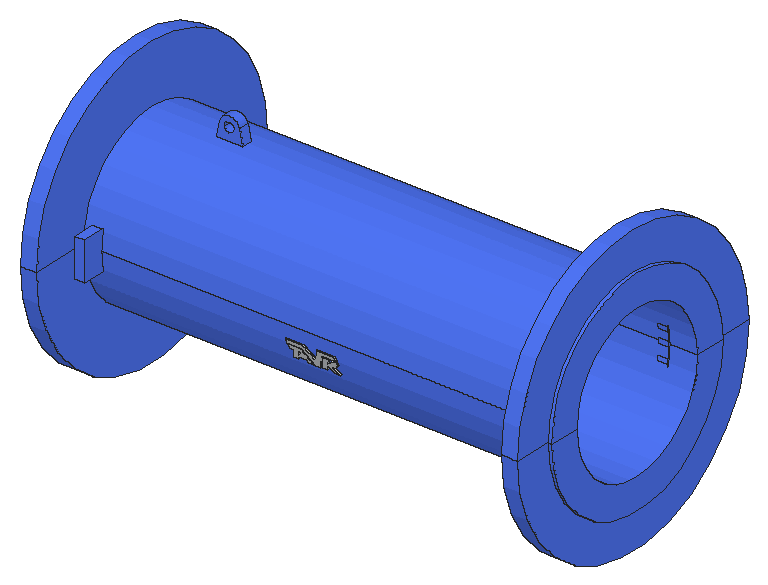
Revit family "712-4820-001-DN40-300", category Pipe Accessories, Revit 2019
Family settings
  Round Connector Dimension = Use Diameter
  Part Type = Valve - Breaks Into
  Work Plane-Based = No
  Always vertical = Yes
  Cut with Voids When Loaded = No
  Shared = No
Parameters (values of type "DN150_PN10/16")
  Search_Table = "712-4820-001-DN40-300"
  Rib = [ID(Radius)] / 2  # 37.5 mm
  Rf_Dia = size_lookup(Search_Table, "Rf_Dia", 0 mm, [Nominal Diameter (DN)]) / 2  # 105.5 mm
  RF_Thick = size_lookup(Search_Table, "Rf_Thickness", 0 mm, [Nominal Diameter (DN)])  # 4 mm
  L = 500 mm  # constant formula
  ID(Radius) = [Nominal Diameter (DN)] / 2  # 75 mm
  Flange_thickness = size_lookup(Search_Table, "Flange_thickness", 0 mm, [Nominal Diameter (DN)])  # 20 mm
  Nominal Diameter (DN) = 150 mm
  FOD = size_lookup(Search_Table, "FOD", 0 mm, [Nominal Diameter (DN)]) / 2  # 142.5 mm
  URL product pages = "https://www.avkvalves.com/P.aspx?no=712004048201"
  Description_ = "AVK FLANGED PIPE W/LOOSE FLANGES"
  DN300_PN16 = "712-0300-48-201"
  DN300_PN10 = "712-0300-48-200"
  DN250_PN16 = "712-0250-48-201"
  DN250_PN10 = "712-0250-48-200"
  DN200_PN16 = "712-0200-48-201"
  DN200_PN10 = "712-0200-48-200"
  DN150_PN10/16 = "712-0150-48-201"
  DN125_PN10/16 = "712-0125-48-201"
  DN100_PN10/16 = "712-0100-48-201"
  DN080_PN10/16 = "712-0080-48-201"
  DN065_PN10/16 = "712-0065-48-201"
  DN050_PN10/16 = "712-0050-48-201"
  DN040_PN10/16 = "712-0040-48-201"
  Body_wallthickness = 10 mm  # constant formula
Types (14, lengths in mm): name | Rib | Rf_Dia | RF_Thick | ID(Radius) | Flange_thickness | Nominal Diameter (DN) | FOD
  (no name) | 37.5 | 105.5 | 4 | 75 | 20 | 150 | 142.5
  DN080_PN10/16 | 20 | 66 | 3 | 40 | 19 | 80 | 100
  DN100_PN10/16 | 25 | 78 | 3 | 50 | 19 | 100 | 110
  DN150_PN10/16 | 37.5 | 105.5 | 4 | 75 | 20 | 150 | 142.5
  DN040_PN10/16 | 10 | 42 | 3 | 20 | 19 | 40 | 75
  DN050_PN10/16 | 12.5 | 49.5 | 3 | 25 | 19 | 50 | 82.5
  DN065_PN10/16 | 16.25 | 59 | 3 | 32.5 | 19 | 65 | 92.5
  DN200_PN10 | 50 | 133 | 4 | 100 | 20 | 200 | 170
  DN250_PN10 | 62.5 | 159.5 | 4 | 125 | 22 | 250 | 200
  DN250_PN16 | 62.5 | 159.5 | 4 | 125 | 22 | 250 | 200
  DN200_PN16 | 50 | 133 | 4 | 100 | 20 | 200 | 170
  DN300_PN10 | 75 | 185 | 4 | 150 | 24 | 300 | 227.5
  DN300_PN16 | 75 | 185 | 4 | 150 | 24 | 300 | 227.5
  DN125_PN10/16 | 31.25 | 92 | 3 | 62.5 | 19 | 125 | 125
Reference planes
  plane 1 "Center (Front/Back)": y = 0
  plane 2: z = 0
  plane 3 "Center (Left/Right)": x = 0
  plane 4: y = 75
  plane 5: x = -250
  plane 6: x = -230
  plane 7: x = 230
  plane 8: x = 250
  plane 9: y = 85
  plane 10: y = 142.5
  plane 11: y = -5
  plane 12: y = 5
Forms (mm)
  Revolve 1, solid, material "Plastic"
    sketch origin (0, 0, 0) x (1, 0, 0) y (0, 1, 0)
      loop
        line (-230, 142.5) -> (-250, 142.5) -> (-250, 75) -> (250, 75) -> (250, 142.5) -> (230, 142.5) -> (230, 85) -> (-230, 85) -> (-230, 142.5)
      axis (-250, 0) -> (250, 0)
    angle from 0 to 360
  Revolve 2, void
    sketch origin (0, 0, 0) x (1, 0, 0) y (0, 1, 0)
      loop
        line (250, 142.5) -> (246, 142.5) -> (246, 105.5) -> (250, 105.5) -> (250, 142.5)
      loop
        line (-250, 142.5) -> (-250, 105.5) -> (-246, 105.5) -> (-246, 142.5) -> (-250, 142.5)
      axis (-250, 0) -> (250, 0)
    angle from 0 to 360
  Extrusion 3, solid, material "Plastic"
    sketch origin (0, 0, 0) x (1, 0, 0) y (0, 0, 1)
      loop
        line (-222, 18.75) -> (-222, -18.75) -> (-212, -18.75) -> (-212, 18.75) -> (-222, 18.75)
      loop
        line (212, 18.75) -> (212, -18.75) -> (222, -18.75) -> (222, 18.75) -> (212, 18.75)
    from -105.5 to 105.5
  Revolve 4, void
    sketch origin (0, 0, 0) x (1, 0, 0) y (0, 0, 1)
      loop
        line (-250, 75) -> (-250, 0) -> (250, 0) -> (250, 75) -> (-250, 75)
      axis (-250, 0) -> (250, 0)
    angle from 0 to 360
Cuts and joins
  Revolve 2, Revolve 4 cuts Revolve 1
  Revolve 4 cuts Extrusion 3
Dimensions and locks
  "Flange_thickness": plane 7 to plane 8
  equal spacing: plane 5, plane 3 "Center (Left/Right)", plane 8
  "L": plane 5 to plane 8
  "ID(Radius)": plane 1 "Center (Front/Back)" to plane 4
  "Flange_thickness": plane 5 to plane 6
  "Body_wallthickness": plane 9 to plane 4
  "FOD": plane 1 "Center (Front/Back)" to plane 10
  "RF_Thick": Revolve 2 sketch curve to Revolve 2 sketch curve
  "Rf_Dia": plane 1 "Center (Front/Back)" to Revolve 2 sketch curve
  "FOD": plane 1 "Center (Front/Back)" to Revolve 2 sketch curve
  "RF_Thick": Revolve 1 to Revolve 2 sketch curve
  cut or joined group of Revolve 1, Revolve 2, Revolve 4 to cut or joined group of Revolve 1, Revolve 2, Revolve 4 = 500 mm
  equal spacing: Extrusion 3 sketch curve, level, Extrusion 3 sketch curve  (x2)
  "Rib": Extrusion 3 sketch curve to Extrusion 3 sketch curve
  "Rf_Dia": Extrusion 3 to plane 1 "Center (Front/Back)"
  "Rf_Dia": plane 1 "Center (Front/Back)" to Extrusion 3
  equal spacing: plane 12, plane 1 "Center (Front/Back)", plane 11
  locked: plane 12 to plane 11 at 10
  "ID(Radius)": nested 2 to level
  "ID(Radius)": Revolve 4 sketch curve to level
  locked: cut or joined group of Extrusion 3, Revolve 4 to cut or joined group of Extrusion 3, Revolve 4 at 10  (x2)
  locked: cut or joined group of Revolve 1, Revolve 2, Revolve 4 to cut or joined group of Extrusion 3, Revolve 4 at 8
  locked: cut or joined group of Extrusion 3, Revolve 4 to cut or joined group of Revolve 1, Revolve 2, Revolve 4 at 8
  aligned and locked: level to plane 2
  aligned and locked: plane 5 to Revolve 1 sketch curve
  aligned and locked: plane 6 to Revolve 1 sketch curve
  aligned and locked: plane 7 to Revolve 1 sketch curve
  aligned and locked: plane 8 to Revolve 1 sketch curve
  aligned and locked: plane 10 to Revolve 1 sketch curve  (x2)
  aligned and locked: Revolve 1 sketch curve to plane 10
  aligned and locked: plane 1 "Center (Front/Back)" to Revolve 1 sketch curve
  aligned and locked: Revolve 2 sketch curve to Revolve 2 sketch curve  (x2)
  aligned and locked: plane 1 "Center (Front/Back)" to Revolve 2 sketch curve
  aligned and locked: plane 3 "Center (Left/Right)" to nested 1
  aligned and locked: Extrusion 3 sketch curve to Extrusion 3 sketch curve
  aligned and locked: nested 2 to plane 12
  aligned and locked: Revolve 4 sketch curve to Revolve 4 sketch curve
Automatic sketch dimensions
  Revolve 1 sketch curve to plane 4 = 0 mm
  Revolve 1 sketch curve to plane 9 = 0 mm
  plane 6 to Revolve 1 sketch curve = 11 mm
  plane 3 "Center (Left/Right)" to Revolve 1 sketch curve = 15 mm
  Revolve 2 sketch curve to plane 3 "Center (Left/Right)" = 7 mm
  plane 3 "Center (Left/Right)" to Revolve 2 sketch curve = 18 mm
  Extrusion 3 sketch curve to Extrusion 3 sketch curve = 10 mm  (x2)
  Revolve 4 sketch curve to plane 3 "Center (Left/Right)" = 20 mm
  plane 3 "Center (Left/Right)" to Revolve 4 sketch curve = 55 mm
  Extrusion 3 sketch curve to plane 3 "Center (Left/Right)" = 212 mm
  plane 3 "Center (Left/Right)" to Extrusion 3 sketch curve = 212 mm
  Revolve 4 sketch curve to level = 0 mm
  Revolve 4 sketch curve to Revolve 4 sketch curve = 230 mm
  Revolve 4 sketch curve to Revolve 4 sketch curve = 195 mm
Nested families
  nested 1: "LOGO - Copy - Copy - Copy - Copy.0001" at (0, -75.738, -38.584) x (1, 0, 0) z (0, -0.891, -0.4539), type "LOGO - Copy - Copy - Copy - Copy.0001"
  nested 2: "Hook" at (-149, 5, 75), type "Hook"
Connectors
  piping at (-250, 0, 0), diameter 150, driven by "Nominal Diameter (DN)"
    settings: on Revolve 1, index 1, connector inside diameter 609.6 mm, connector length 0 mm, flow factor 0, pipe flow 0.0 L/s, pressure drop 0.0 Pa, fitting loss kfactor 0, connector angle 0.00°, fixture units 0, engagement length 0 mm, angle of deflection 0.00°, flow configuration 0, flow direction 0, fitting loss method 0, system type 7, joint type 0, gender type 0, connector reference index -1, connector utility 0, adjustable connector no, is connector primary yes, connector description ""
  piping at (250, 0, 0), diameter 150, driven by "Nominal Diameter (DN)"
    settings: on Revolve 1, index 2, connector inside diameter 609.6 mm, connector length 0 mm, flow factor 0, pipe flow 0.0 L/s, pressure drop 0.0 Pa, fitting loss kfactor 0, connector angle 0.00°, fixture units 0, engagement length 0 mm, angle of deflection 0.00°, flow configuration 0, flow direction 0, fitting loss method 0, system type 7, joint type 0, gender type 0, connector reference index -1, connector utility 0, adjustable connector no, is connector primary no, connector description ""
Definition of nested family "LOGO - Copy - Copy - Copy - Copy.0001"
  Parameters (values of type "LOGO - Copy - Copy - Copy - Copy.0001")
    Default Elevation = 1219.2 mm
  Reference planes
    plane 1 "Center (Front/Back)": y = 0
    plane 2: z = 0
    plane 3 "Center (Left/Right)": x = 0
  Forms (mm)
    Extrusion 1, solid
      sketch origin (0, 0, 0) x (1, 0, 0) y (0, 1, 0)
        loop
          line (-1219.2, 1219.2) -> (-1219.2, -1219.2) -> (1219.2, -1219.2) -> (1219.2, 1219.2) -> (-1219.2, 1219.2)
      from 0 to -304.8
    Extrusion 2, solid
      sketch origin (0, 0, 0) x (1, 0, 0) y (0, 1, 0)
        loop
          line (-6.514, 34.224) -> (-24, 34.224) -> (-24, 29.481) -> (-9.766, 29.481) -> (-2.391, 11.367) -> (2.391, 11.367) -> (9.766, 29.481) -> (24, 29.481) -> (24, 34.224) -> (6.514, 34.224) -> (0, 18.224) -> (-6.514, 34.224)
        loop
          line (-10.996, 27.653) -> (-24, 27.653) -> (-24, 23.081) -> (-19.503, 23.081) -> (-24, 11.367) -> (-18.92, 11.367) -> (-17.955, 13.881) -> (-10.51, 13.881) -> (-9.486, 11.367) -> (-4.365, 11.367) -> (-10.996, 27.653)
        loop
          line (-16.777, 18.224) -> (-12.278, 18.224) -> (-14.594, 23.912) -> (-16.777, 18.224)
        loop
          line (4.365, 11.367) -> (9.486, 11.367) -> (12.093, 17.77) -> (16.918, 11.367) -> (22.857, 11.367) -> (17.399, 18.61)
          arc (17.399, 18.61) -> (20.583, 20.18) -> (22.629, 23.081) r 7.2
          line (22.629, 23.081) -> (24, 23.081) -> (24, 27.653) -> (19.429, 27.653)
          arc (19.429, 27.653) -> (17.763, 23.526) -> (13.699, 21.714) r 5.943
          line (13.699, 21.714) -> (16.117, 27.653) -> (10.996, 27.653) -> (4.365, 11.367)
      from 0 to 1
  Dimensions and locks
    aligned and locked: plane 2 to Extrusion 1
    aligned and locked: level to Extrusion 1
    aligned and locked: Extrusion 2 sketch curve to import instance
Definition of nested family "Hook"
  Reference planes
    plane 1 "Center (Front/Back)": y = 0
    plane 2: z = 0
    plane 3 "Center (Left/Right)": x = 0
  Forms (mm)
    Extrusion 1, solid
      sketch origin (0, 0, 0) x (1, 0, 0) y (0, 0, 1)
        loop
          line (-15, 0) -> (15, 0) -> (9.771, 23.998)
          arc (9.771, 23.998) -> (0, 31.869) -> (-9.771, 23.998) r 10
          line (-9.771, 23.998) -> (-15, 0)
        loop
          circle (0, 21.869) r 5
      from 0 to 10
  Dimensions and locks
    aligned and locked: level to plane 2
